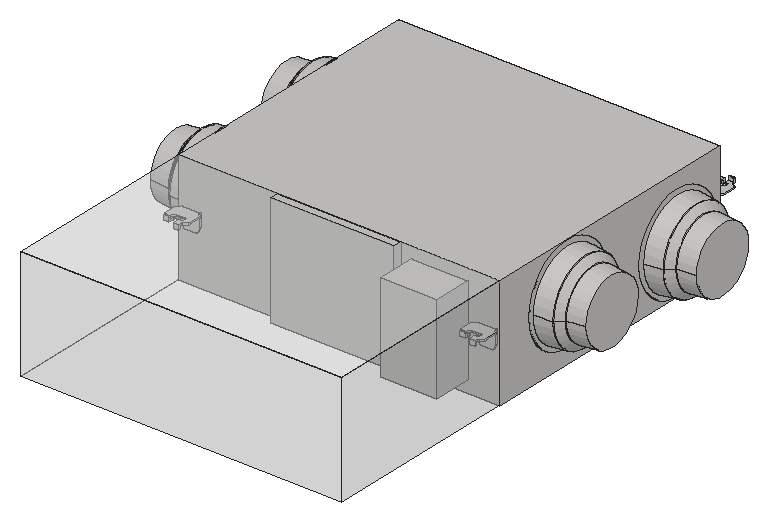
Revit family "outputfile", category 機械設備, Revit 2024
Family settings
  丸型コネクタ寸法 = 半径を使用
  パーツ タイプ = 標準
  OmniClass 番号 = 23.75.10.34.21
  OmniClass タイトル = Heat Exchangers for Ventilation Air
  作業面ベース = いいえ
  常に垂直 = はい
  ロード時にボイドで切り取り = いいえ
  注釈の向きを維持 = いいえ
  共有 = いいえ
  部屋計算ポイント = はい
Parameters (values of type "VAM500HVE")
  Description = ""
  製造元 = "Daikin"
  書き出し IFC クラス(タイプ) = "IfcAirToAirHeatRecoveryType"
  定義済み IFC タイプ(タイプ) = "ROTARYWHEEL"
  Cost = 0
  モデル = "VAM500HVE"
  Type Comments = ""
  Keynote = ""
  Type Image = (empty or 0)
  Assembly Code = ""
  w_maintenacecover = 372.0 mm
  r3_airconnection_top = 98.0 mm
  r2_airconnection_top = 103.0 mm
  r1_airconnection_top = 125.0 mm
  r1_airconnection_bottom = 132.0 mm
  r0_airconnection = 146.0 mm
  lw_powersuply = 182.0 mm
  Voltage_comment_60Hz = "220-240"
  Voltage_comment_50Hz = "220-240"
  Voltage_60Hz = 220 V
  Voltage_50Hz = 220 V
  URL = ""
  Phase_60Hz = 1
  Phase_50Hz = 1
  Minimum External Static Pressure = 124.00 Pa
  Minimum Circuit Amps_60Hz = 2.4 A
  Minimum Circuit Amps_50Hz = 2.4 A
  Maximum Fuse Amps_60Hz = 15.0 A
  Maximum Fuse Amps_50Hz = 15.0 A
  Maximum External Static Pressure = 190.00 Pa
  Material_Casing = DAIKIN_GalvanizedSteel_Casing_indoorunit
  lw_mountinghole_Left = 448.5 mm
  lw_mountinghole = 897.0 mm
  w_controlbox_right = 97.0 mm
  w_controlbox = 170.0 mm
  r_SAduct = SA Duct Size Diameter / 2  # 100.0 mm
  r_RAduct = RA Duct Size Diameter / 2  # 100.0 mm
  r_OAduct = OA Duct Size Diameter / 2  # 100.0 mm
  r_EAduct = EA Duct Size Diameter / 2  # 100.0 mm
  lh_powersuply = 169.0 mm
  lh_mounting = lh_mountinghole + [h***]  # 203.0 mm
  h_controlbox_top = 34.5 mm
  lh_antena = Height - lh_mountinghole + 1.0 mm  # 136.0 mm
  lh_SA = 193.0 mm
  lh_RA = 149.0 mm
  lh_OA = 193.0 mm
  lh_EA = 193.0 mm
  ld_SA = 252.0 mm
  ld_RA = 162.0 mm
  ld_OA = 162.0 mm
  ld_EA = 252.0 mm
  lh_mountinghole = 203.0 mm
  h_controlbox = 269.0 mm
  h*** = 0.0 mm  # constant formula
  d_total_airconnection = d1_airconnection + d2_airconnection + d3_airconnection  # 137.0 mm
  d_maintenacecover = 26.0 mm
  ld_mountinghole = 932.0 mm
  d_controlbox = 117.0 mm
  d3_airconnection = 58.0 mm
  d2_airconnection = 20.0 mm
  d1_airconnection = 59.0 mm
  d0_airconnection = 2.0 mm
  Width = 973.0 mm
  Version = "ver.1.0"
  Unit Type = "Heat Recovery Ventilator"
  Unit Mass Weight = 41.00 kg
  Unit Designation [instance] = ""
  Uniclass2015Version = "Products v1.30"
  Uniclass2015Title = "Thermal wheels"
  Uniclass2015Code = "Pr_60_60_36_88"
  Temperature exchange efficiency (Heating) = 80.00%
  Temperature exchange efficiency (Cooling) = 61.50%
  Supply Air Direction [instance] = yes
  Sound Pressure Level_M speed (dBA) = 35
  Sound Pressure Level_L speed (dBA) = 32
  Sound Pressure Level_H speed (dBA) = 36
  Series = "VRV Fan Coil Unit"
  SA Duct Size Diameter = 200.0 mm
  Refrigerant Type = ""
  RA Duct Size Diameter = 200.0 mm
  Option Accessory 3 [instance] = ""
  Option Accessory 2 [instance] = ""
  Option Accessory 1 [instance] = ""
  OA Duct Size Diameter = 200.0 mm
  Nominal Airflow = 500.00 m³/h
  Minimum Airflow = 160.00 m³/h
  Median Airflow = 0.00 m³/h
  Maximum Airflow = 700.00 m³/h
  Load Classification = HVAC
  Link_Nested Family [instance] = ""
  IfcVersion = "0"
  IfcExportType = "ROTARYWHEEL"
  IfcExportAs = "IfcAirToAirHeatRecoveryType"
  Height = 338.0 mm
  Heating Entering Wet Bulb Temperature [instance] = 0.00 °C
  Heating Entering Dry Bulb Temperature [instance] = 0.00 °C
  Heating Ambient Wet Bulb Temperature [instance] = 0.00 °C
  Heating Ambient Dry Bulb Temperature [instance] = 0.00 °C
  Frequency_60Hz = 60 Hz
  Frequency_50Hz = 50 Hz
  Fan Type = "Sirocco Fan"
  Fan Drive = "Direct Drive"
  FCU Tag No. [instance] = ""
  Enthalpy exchange efficiency (Heating) = 71.00%
  Enthalpy exchange efficiency (Cooling) = 62.50%
  EA Duct Size Diameter = 200.0 mm
  Design Supply Airflow [instance] = 0.00 m³/h
  Design Return Airflow [instance] = 0.00 m³/h
  Design Outdoor Airflow [instance] = 0.00 m³/h
  Design External Static Pressure [instance] = 0.00 Pa
  Design Exhaust Airflow [instance] = 0.00 m³/h
  Depth = 832.0 mm
  既定の高さ = 0.0 mm
  Cooling Entering Wet Bulb Temperature [instance] = 0.00 °C
  Cooling Entering Dry Bulb Temperature [instance] = 0.00 °C
  Cooling Ambient Wet Bulb Temperature [instance] = 0.00 °C
  Cooling Ambient Dry Bulb Temperature [instance] = 0.00 °C
  Clearance visibility [instance] = yes
  Clearance Top = 0.0 mm
  Clearance Right = 0.0 mm
  Clearance Rear = 0.0 mm
  Clearance Left = 0.0 mm
  Clearance Front = 600.0 mm
  Clearance Bottom = 0.0 mm
Reference planes
  plane 1 "Center (Front/Back)": y = 0
  plane 2: z = 0
  plane 3 "Center (Left/Right)": x = 0
  plane 4 "Back": y = 416
  plane 5 "Front": y = -416
  plane 6 "Left": x = -486.5
  plane 7 "Right": x = 486.5
  plane 8 "Top": z = 0
  plane 9 "mountinghole_Left": x = -448.5
  plane 10 "mountinghole_Right": x = 448.5
  plane 11 "mountinghole_Back": y = 466
  plane 12 "mountinghole_Front": y = -466
  plane 13 "Center (Elevation)": z = -169
  plane 14 "h_mountinghole": z = -135
  plane 15 "w_maintenacecover_left": x = -186
  plane 16 "w_maintenacecover_right": x = 186
  plane 17 "Clearance Front": y = -1016
  plane 18 "Clearance Left": x = -486.5
  plane 19 "Clearance Right": x = 486.5
  plane 20 "Clearance Rear": y = 416
  plane 21 "Clearance Top": z = 0
  plane 22 "Clearance Bottom": z = -338
  plane 23 "d_maintenacecover": y = -442
  plane 24 "d_controlbox": y = -533
  plane 25 "w_controlbox_left": x = 219.5
  plane 26 "w_controlbox_right": x = 389.5
  plane 27 "Bottom": z = -338
  plane 28 "h_controlbox_top": z = -34.5
  plane 29 "h_controlbox_bottom": z = -303.5
  plane 30 "lh_OA": z = -145
  plane 31 "lh_EA": z = -145
  plane 32 "lh_SA": z = -145
  plane 33 "lh_RA": z = -189
  plane 34 "ld_EA": y = 164
  plane 35 "ld_OA": y = -254
  plane 36 "ld_RA": y = 254
  plane 37 "ld_SA": y = -164
  plane 38 "lw_powersuply": x = 304.5
  plane 39: z = 59.955
  plane 40 "lh_powersuply": z = -169
Forms (mm)
  Extrusion 1, solid, material "DAIKIN_GalvanizedSteel_Casing_indoorunit" <- "Material_Casing"
    sketch origin (0, 0, 200) x (1, 0, 0) y (0, 1, 0)
      loop
        line (-486.5, 416) -> (-486.5, -416) -> (486.5, -416) -> (486.5, 416) -> (-486.5, 416)
    from -538 to -200
  Extrusion 2, solid, material "DAIKIN_GalvanizedSteel_Casing_indoorunit" <- "Material_Casing"
    sketch origin (0, 0, 0) x (1, 0, 0) y (0, 1, 0)
      loop
        line (-186, -416) -> (-186, -442) -> (186, -442) -> (186, -416) -> (-186, -416)
    from -338 to 0
  Extrusion 3, solid, material "DAIKIN_GalvanizedSteel_Casing_indoorunit" <- "Material_Casing"
    sketch origin (0, 0, 0) x (1, 0, 0) y (0, 1, 0)
      loop
        line (219.5, -416) -> (219.5, -533) -> (389.5, -533) -> (389.5, -416) -> (219.5, -416)
    from -303.5 to -34.5
Dimensions and locks
  equal spacing: plane 6 "Left", plane 3 "Center (Left/Right)", plane 7 "Right"
  "Width": plane 6 "Left" to plane 7 "Right"
  equal spacing: plane 4 "Back", plane 1 "Center (Front/Back)", plane 5 "Front"
  "Depth": plane 4 "Back" to plane 5 "Front"
  "lw_mountinghole": plane 9 "mountinghole_Left" to plane 10 "mountinghole_Right"
  equal spacing: plane 11 "mountinghole_Back", plane 1 "Center (Front/Back)", plane 12 "mountinghole_Front"
  "ld_mountinghole": plane 11 "mountinghole_Back" to plane 12 "mountinghole_Front"
  "Clearance Front": plane 5 "Front" to plane 17 "Clearance Front"
  "Clearance Left": plane 18 "Clearance Left" to plane 6 "Left"
  "Clearance Right": plane 7 "Right" to plane 19 "Clearance Right"
  "Clearance Rear": plane 4 "Back" to plane 20 "Clearance Rear"
  "w_controlbox_right": plane 26 "w_controlbox_right" to plane 7 "Right"
  "w_controlbox": plane 25 "w_controlbox_left" to plane 26 "w_controlbox_right"
  equal spacing: plane 15 "w_maintenacecover_left", plane 3 "Center (Left/Right)", plane 16 "w_maintenacecover_right"
  "w_maintenacecover": plane 15 "w_maintenacecover_left" to plane 16 "w_maintenacecover_right"
  "lh_mountinghole": plane 14 "h_mountinghole" to plane 27 "Bottom"
  "Height": plane 8 "Top" to plane 27 "Bottom"
  equal spacing: plane 8 "Top", plane 13 "Center (Elevation)", plane 27 "Bottom"
  "Clearance Top": plane 21 "Clearance Top" to plane 8 "Top"
  "Clearance Bottom": plane 27 "Bottom" to plane 22 "Clearance Bottom"
  "h_controlbox": plane 28 "h_controlbox_top" to plane 29 "h_controlbox_bottom"
  "d_controlbox": plane 5 "Front" to plane 24 "d_controlbox"
  "d_maintenacecover": plane 5 "Front" to plane 23 "d_maintenacecover"
  "lh_SA": plane 32 "lh_SA" to plane 27 "Bottom"
  "lh_RA": plane 33 "lh_RA" to plane 27 "Bottom"
  "ld_OA": plane 35 "ld_OA" to plane 5 "Front"
  "ld_EA": plane 4 "Back" to plane 34 "ld_EA"
  "ld_RA": plane 4 "Back" to plane 36 "ld_RA"
  "ld_SA": plane 37 "ld_SA" to plane 5 "Front"
  "lh_EA": plane 31 "lh_EA" to plane 27 "Bottom"
  "lh_OA": plane 30 "lh_OA" to plane 27 "Bottom"
  "h_controlbox_top": plane 8 "Top" to plane 28 "h_controlbox_top"
  "lw_mountinghole_Left": plane 9 "mountinghole_Left" to plane 3 "Center (Left/Right)"
  plane 3 "Center (Left/Right)" to plane 10 "mountinghole_Right" = 448.5 mm
  "lw_powersuply": plane 38 "lw_powersuply" to plane 7 "Right"
  "lh_powersuply": plane 40 "lh_powersuply" to plane 27 "Bottom"
  aligned and locked: level to plane 2
  aligned and locked: Extrusion 1 sketch curve to plane 4 "Back"
  aligned and locked: plane 6 "Left" to Extrusion 1 sketch curve
  aligned and locked: plane 5 "Front" to Extrusion 1 sketch curve
  aligned and locked: Extrusion 1 sketch curve to plane 7 "Right"
  aligned and locked: plane 8 "Top" to Extrusion 1
  aligned and locked: nested 1 to plane 10 "mountinghole_Right"
  aligned and locked: nested 1 to plane 5 "Front"
  aligned and locked: nested 2 to plane 9 "mountinghole_Left"
  aligned and locked: nested 2 to plane 5 "Front"
  aligned and locked: plane 4 "Back" to nested 3
  aligned and locked: plane 10 "mountinghole_Right" to nested 3
  aligned and locked: nested 4 to plane 9 "mountinghole_Left"
  aligned and locked: plane 4 "Back" to nested 4
  aligned and locked: nested 6 to plane 10 "mountinghole_Right"
  aligned and locked: nested 6 to plane 11 "mountinghole_Back"
  aligned and locked: plane 9 "mountinghole_Left" to nested 7
  aligned and locked: nested 7 to plane 11 "mountinghole_Back"
  aligned and locked: nested 8 to plane 9 "mountinghole_Left"
  aligned and locked: plane 12 "mountinghole_Front" to nested 8
  aligned and locked: plane 12 "mountinghole_Front" to nested 9
  aligned and locked: nested 9 to plane 10 "mountinghole_Right"
  aligned and locked: plane 14 "h_mountinghole" to nested 3
  aligned and locked: plane 14 "h_mountinghole" to nested 1
  aligned and locked: plane 14 "h_mountinghole" to nested 4
  aligned and locked: plane 14 "h_mountinghole" to nested 2
  aligned and locked: nested 5 to plane 17 "Clearance Front"
  aligned and locked: nested 5 to plane 18 "Clearance Left"
  aligned and locked: nested 5 to plane 19 "Clearance Right"
  aligned and locked: nested 5 to plane 20 "Clearance Rear"
  aligned and locked: nested 5 to plane 22 "Clearance Bottom"
  aligned and locked: nested 5 to plane 21 "Clearance Top"
  aligned and locked: plane 27 "Bottom" to Extrusion 1
  aligned and locked: plane 23 "d_maintenacecover" to Extrusion 2 sketch curve
  aligned and locked: plane 16 "w_maintenacecover_right" to Extrusion 2 sketch curve
  aligned and locked: plane 15 "w_maintenacecover_left" to Extrusion 2 sketch curve
  aligned and locked: Extrusion 2 sketch curve to plane 5 "Front"
  aligned and locked: plane 8 "Top" to Extrusion 2
  aligned and locked: Extrusion 2 to plane 27 "Bottom"
  aligned and locked: plane 24 "d_controlbox" to Extrusion 3 sketch curve
  aligned and locked: plane 25 "w_controlbox_left" to Extrusion 3 sketch curve
  aligned and locked: Extrusion 3 sketch curve to plane 5 "Front"
  aligned and locked: Extrusion 3 sketch curve to plane 26 "w_controlbox_right"
  aligned and locked: plane 28 "h_controlbox_top" to Extrusion 3
  aligned and locked: plane 29 "h_controlbox_bottom" to Extrusion 3
  aligned and locked: nested 10 to plane 34 "ld_EA"
  aligned and locked: nested 10 to plane 6 "Left"
  aligned and locked: nested 11 to plane 35 "ld_OA"
  aligned and locked: nested 11 to plane 6 "Left"
  aligned and locked: plane 36 "ld_RA" to nested 12
  aligned and locked: plane 7 "Right" to nested 12
  aligned and locked: plane 37 "ld_SA" to nested 13
  aligned and locked: plane 7 "Right" to nested 13
  aligned and locked: plane 32 "lh_SA" to nested 13
  aligned and locked: plane 33 "lh_RA" to nested 12
  aligned and locked: plane 30 "lh_OA" to nested 11
  aligned and locked: plane 31 "lh_EA" to nested 10
  aligned and locked: plane 37 "ld_SA" to nested 15
  aligned and locked: plane 7 "Right" to nested 15
  aligned and locked: plane 36 "ld_RA" to nested 16
  aligned and locked: plane 7 "Right" to nested 16
  aligned and locked: nested 18 to plane 34 "ld_EA"
  aligned and locked: nested 17 to plane 35 "ld_OA"
  aligned and locked: nested 18 to plane 6 "Left"
  aligned and locked: nested 17 to plane 6 "Left"
  aligned and locked: plane 31 "lh_EA" to nested 17
  aligned and locked: nested 18 to plane 31 "lh_EA"
  aligned and locked: nested 16 to plane 33 "lh_RA"
  aligned and locked: nested 15 to plane 32 "lh_SA"
  aligned and locked: plane 37 "ld_SA" to nested 14
  aligned and locked: nested 19 to plane 38 "lw_powersuply"
  aligned and locked: nested 19 to plane 5 "Front"
  aligned and locked: plane 40 "lh_powersuply" to nested 19
  aligned and locked: level to plane 8 "Top"
Nested families
  nested 1: "daikin_hangerfixture_VAM-HVE_150-1000" at (448.5, -416, -135), type "daikin_hangerfixture_VAM-HVE_150-1000"
  nested 2: "daikin_hangerfixture_VAM-HVE_150-1000" at (-448.5, -416, -135), type "daikin_hangerfixture_VAM-HVE_150-1000"
  nested 3: "daikin_hangerfixture_VAM-HVE_150-1000" at (448.5, 416, -135) x (-1, 0, 0) z (0, 0, 1), type "daikin_hangerfixture_VAM-HVE_150-1000"
  nested 4: "daikin_hangerfixture_VAM-HVE_150-1000" at (-448.5, 416, -135) x (-1, 0, 0) z (0, 0, 1), type "daikin_hangerfixture_VAM-HVE_150-1000"
  nested 5: "daikin_clearancespace" at (0, -300, -168.881), visible <- "Clearance visibility", show <- "Clearance visibility", Link_Nested Family <- "Link_Nested Family", type "daikin_clearancespace"
    with width 973.0 mm, show yes, height 338.0 mm, depth 1432.0 mm, Link_Nested Family ""
  nested 6: "daikin_mountinghole" at (448.5, 466, -338), l_antenna <- "lh_antena", Link_Nested Family <- "Link_Nested Family", h_mountinghole <- "lh_mounting", type "daikin_mountinghole"
    with show yes, l_antenna 136.0 mm, h_mountinghole 203.0 mm, Link_Nested Family ""
  nested 7: "daikin_mountinghole" at (-448.5, 466, -338), l_antenna <- "lh_antena", Link_Nested Family <- "Link_Nested Family", h_mountinghole <- "lh_mounting", type "daikin_mountinghole"
    with show yes, l_antenna 136.0 mm, h_mountinghole 203.0 mm, Link_Nested Family ""
  nested 8: "daikin_mountinghole" at (-448.5, -466, -338), l_antenna <- "lh_antena", Link_Nested Family <- "Link_Nested Family", h_mountinghole <- "lh_mounting", type "daikin_mountinghole"
    with show yes, l_antenna 136.0 mm, h_mountinghole 203.0 mm, Link_Nested Family ""
  nested 9: "daikin_mountinghole" at (448.5, -466, -338), l_antenna <- "lh_antena", Link_Nested Family <- "Link_Nested Family", h_mountinghole <- "lh_mounting", type "daikin_mountinghole"
    with show yes, l_antenna 136.0 mm, h_mountinghole 203.0 mm, Link_Nested Family ""
  nested 10: "daikin_airconnection_VAM-HVE_150-1000" at (-486.5, 164, -145) x (0, -1, 0) z (0, 0, 1), d0 <- "d0_airconnection", d1 <- "d1_airconnection", d2 <- "d2_airconnection", d3 <- "d3_airconnection", r0 <- "r0_airconnection", r1_bottom <- "r1_airconnection_bottom", r1_top <- "r1_airconnection_top", r2_top <- "r2_airconnection_top", r3_top <- "r3_airconnection_top", type "daikin_airconnection_VAM-HVE_150-1000"
    with r3_top 98.0 mm, r3_bottom 103.0 mm, r2_top 103.0 mm, r2_bottom 125.0 mm, r1_top 125.0 mm, r1_bottom 132.0 mm, r0 146.0 mm, d_total 137.0 mm, d3 58.0 mm, d2 20.0 mm, d1 59.0 mm, d0 2.0 mm
  nested 11: "daikin_airconnection_VAM-HVE_150-1000" at (-486.5, -254, -145) x (0, -1, 0) z (0, 0, 1), d0 <- "d0_airconnection", d1 <- "d1_airconnection", d2 <- "d2_airconnection", d3 <- "d3_airconnection", r0 <- "r0_airconnection", r1_bottom <- "r1_airconnection_bottom", r1_top <- "r1_airconnection_top", r2_top <- "r2_airconnection_top", r3_top <- "r3_airconnection_top", type "daikin_airconnection_VAM-HVE_150-1000"
    with r3_top 98.0 mm, r3_bottom 103.0 mm, r2_top 103.0 mm, r2_bottom 125.0 mm, r1_top 125.0 mm, r1_bottom 132.0 mm, r0 146.0 mm, d_total 137.0 mm, d3 58.0 mm, d2 20.0 mm, d1 59.0 mm, d0 2.0 mm
  nested 12: "daikin_airconnection_VAM-HVE_150-1000" at (486.5, 254, -189) x (0, 1, 0) z (0, 0, 1), d0 <- "d0_airconnection", d1 <- "d1_airconnection", d2 <- "d2_airconnection", d3 <- "d3_airconnection", r0 <- "r0_airconnection", r1_bottom <- "r1_airconnection_bottom", r1_top <- "r1_airconnection_top", r2_top <- "r2_airconnection_top", r3_top <- "r3_airconnection_top", type "daikin_airconnection_VAM-HVE_150-1000"
    with r3_top 98.0 mm, r3_bottom 103.0 mm, r2_top 103.0 mm, r2_bottom 125.0 mm, r1_top 125.0 mm, r1_bottom 132.0 mm, r0 146.0 mm, d_total 137.0 mm, d3 58.0 mm, d2 20.0 mm, d1 59.0 mm, d0 2.0 mm
  nested 13: "daikin_airconnection_VAM-HVE_150-1000" at (486.5, -164, -145) x (0, 1, 0) z (0, 0, 1), d0 <- "d0_airconnection", d1 <- "d1_airconnection", d2 <- "d2_airconnection", d3 <- "d3_airconnection", r0 <- "r0_airconnection", r1_bottom <- "r1_airconnection_bottom", r1_top <- "r1_airconnection_top", r2_top <- "r2_airconnection_top", r3_top <- "r3_airconnection_top", type "daikin_airconnection_VAM-HVE_150-1000"
    with r3_top 98.0 mm, r3_bottom 103.0 mm, r2_top 103.0 mm, r2_bottom 125.0 mm, r1_top 125.0 mm, r1_bottom 132.0 mm, r0 146.0 mm, d_total 137.0 mm, d3 58.0 mm, d2 20.0 mm, d1 59.0 mm, d0 2.0 mm
  nested 14: "daikin_△_symbolicline" at (0, -164, 338) x (0, 1, 0) z (0, 0, 1), built-in parameter 1001360 <- "Height", visible <- "Supply Air Direction", type "daikin_△_symbolicline"
    with length 300.0 mm
  nested 15: "daikin_connector_rotate2" at (486.5, -164, -145) x (0, 1, 0) z (0, 0, 1), length <- "d_total_airconnection", radius <- "r_SAduct", type "daikin_connector_rotate2"
    with radius 100.0 mm, length 137.0 mm, angle_vertical 90.00°, show_face no
  nested 16: "daikin_connector_rotate2" at (486.5, 254, -189) x (0, 1, 0) z (0, 0, 1), length <- "d_total_airconnection", radius <- "r_RAduct", type "daikin_connector_rotate2"
    with radius 100.0 mm, length 137.0 mm, angle_vertical 90.00°, show_face no
  nested 17: "daikin_connector_rotate2" at (-486.5, -254, -145) x (0, -1, 0) z (0, 0, 1), length <- "d_total_airconnection", radius <- "r_OAduct", type "daikin_connector_rotate2"
    with radius 100.0 mm, length 137.0 mm, angle_vertical 90.00°, show_face no
  nested 18: "daikin_connector_rotate2" at (-486.5, 164, -145) x (0, -1, 0) z (0, 0, 1), length <- "d_total_airconnection", radius <- "r_EAduct", type "daikin_connector_rotate2"
    with radius 100.0 mm, length 137.0 mm, angle_vertical 90.00°, show_face no
  nested 19: "daikin_connector_rotate2" at (304.5, -416, -169), length <- "d_controlbox", type "daikin_connector_rotate2"
    with radius 10.0 mm, length 117.0 mm, angle_vertical 90.00°, show_face no
Connectors
  hvac at (-623.5, 164, -145), driven by "r_EAduct"
    settings: on nested 18, index 1, duct flow 0.00 m³/h, flow factor 0, pres drop 0.00 Pa, loss coef 0, conn angle 0.00°, conn width 304.8 mm, conn height 304.8 mm, conn diameter 200.0 mm, duct sys type 3, conn prof type 0, flow config 0, flow direction 2, loss method 4, conn ref index -1, conn util no, is conn primary no, conn desc "EA Duct"
  hvac at (-623.5, -254, -145), driven by "r_OAduct"
    settings: on nested 17, index 2, duct flow 0.00 m³/h, flow factor 0, pres drop 0.00 Pa, loss coef 0, conn angle 0.00°, conn width 304.8 mm, conn height 304.8 mm, conn diameter 200.0 mm, duct sys type 1, conn prof type 0, flow config 0, flow direction 1, loss method 4, conn ref index -1, conn util no, is conn primary no, conn desc "OA Duct"
  hvac at (623.5, 254, -189), driven by "r_RAduct"
    settings: on nested 16, index 3, duct flow 0.00 m³/h, flow factor 0, pres drop 0.00 Pa, loss coef 0, conn angle 0.00°, conn width 304.8 mm, conn height 304.8 mm, conn diameter 200.0 mm, duct sys type 2, conn prof type 0, flow config 0, flow direction 1, loss method 4, conn ref index -1, conn util no, is conn primary no, conn desc "RA Duct"
  hvac at (623.5, -164, -145), driven by "r_SAduct"
    settings: on nested 15, index 4, duct flow 0.00 m³/h, flow factor 0, pres drop 0.00 Pa, loss coef 0, conn angle 0.00°, conn width 304.8 mm, conn height 304.8 mm, conn diameter 200.0 mm, duct sys type 1, conn prof type 0, flow config 0, flow direction 2, loss method 4, conn ref index -1, conn util no, is conn primary yes, conn desc "SA Duct"
  electrical at (304.5, -533, -169), driven by "Load Classification"
    settings: on nested 19, index 6, voltage 0 V, apparent load 0 VA, apparent load phase1 0 VA, apparent load phase2 0 VA, apparent load phase3 0 VA, power factor 1, load classification "HVAC", number of poles 1, system type 30, power factor state 1, is connector primary yes, connector utility no, sub classification motor no, connector description "Power Supply"
Definition of nested family "daikin_hangerfixture_VAM-HVE_150-1000"
  Parameters (values of type "daikin_hangerfixture_VAM")
    width = 76.0 mm
    material = none
    height = 0.0 mm
    depth = 75.0 mm
    Default Elevation = 0.0 mm
  Reference planes
    plane 1 "Center (Front/Back)": y = 0
    plane 2: z = 0
    plane 3 "Center (Left/Right)": x = 0
    plane 4: y = -75
    plane 5: x = -38
    plane 6: x = 38
    plane 7: z = -3.2
    plane 8: z = -57
    plane 9: x = -28
    plane 10: x = 28
    plane 11: y = -3.2
    plane 12: z = 11.8
    plane 13: z = -15
    plane 14: y = -71.8
    plane 15: y = -50
  Forms (mm)
    Extrusion 1, solid, material <- "material"
      sketch origin (0, 0, 0) x (1, 0, 0) y (0, 1, 0)
        loop
          line (-28, 0) -> (-28, -5)
          arc (-28, -5) -> (-29.464, -8.536) -> (-33, -10) r 5
          arc (-33, -10) -> (-36.536, -11.464) -> (-38, -15) r 5
          line (-38, -15) -> (-38, -52.597)
          arc (-38, -52.597) -> (-37.507, -54.763) -> (-36.123, -56.501) r 5
          line (-36.123, -56.501) -> (-24.877, -65.499)
          arc (-24.877, -65.499) -> (-23.493, -67.237) -> (-23, -69.403) r 5
          line (-23, -69.403) -> (-23, -75) -> (-7, -75) -> (-7, -60)
          arc (-7, -60) -> (-7.879, -57.879) -> (-10, -57) r 3
          line (-10, -57) -> (-13, -57)
          arc (-13, -57) -> (-20, -50) -> (-13, -43) r 7
          line (-13, -43) -> (13, -43)
          arc (13, -43) -> (20, -50) -> (13, -57) r 7
          line (13, -57) -> (10, -57)
          arc (10, -57) -> (7.879, -57.879) -> (7, -60) r 3
          line (7, -60) -> (7, -75) -> (23, -75) -> (23, -69.403)
          arc (23, -69.403) -> (23.493, -67.237) -> (24.877, -65.499) r 5
          line (24.877, -65.499) -> (36.123, -56.501)
          arc (36.123, -56.501) -> (37.507, -54.763) -> (38, -52.597) r 5
          line (38, -52.597) -> (38, -15)
          arc (38, -15) -> (36.536, -11.464) -> (33, -10) r 5
          arc (33, -10) -> (29.464, -8.536) -> (28, -5) r 5
          line (28, -5) -> (28, 0) -> (-28, 0)
      from 0 to -3.2
    Extrusion 2, solid, material <- "material"
      sketch origin (0, 0, 0) x (1, 0, 0) y (0, 0, 1)
        loop
          line (28, 0) -> (-28, 0) -> (-28, -38.882)
          arc (-28, -38.882) -> (-27.88, -39.973) -> (-27.524, -41.011) r 5
          line (-27.524, -41.011) -> (-21.351, -54.129)
          arc (-21.351, -54.129) -> (-19.506, -56.222) -> (-16.827, -57) r 5
          line (-16.827, -57) -> (16.827, -57)
          arc (16.827, -57) -> (19.506, -56.222) -> (21.351, -54.129) r 5
          line (21.351, -54.129) -> (27.524, -41.011)
          arc (27.524, -41.011) -> (27.88, -39.973) -> (28, -38.882) r 5
          line (28, -38.882) -> (28, 0)
      from 0 to 3.2
    Extrusion 3, solid, material <- "material"
      sketch origin (0, 0, 0) x (1, 0, 0) y (0, 0, 1)
        loop
          line (-23, -3.2) -> (-7, -3.2) -> (-7, 8.8)
          arc (-7, 8.8) -> (-7.879, 10.921) -> (-10, 11.8) r 3
          line (-10, 11.8) -> (-20, 11.8)
          arc (-20, 11.8) -> (-22.121, 10.921) -> (-23, 8.8) r 3
          line (-23, 8.8) -> (-23, -3.2)
        loop
          line (7, 0) -> (7, -12)
          arc (7, -12) -> (7.879, -14.121) -> (10, -15) r 3
          line (10, -15) -> (20, -15)
          arc (20, -15) -> (22.121, -14.121) -> (23, -12) r 3
          line (23, -12) -> (23, 0) -> (7, 0)
      from 71.8 to 75
  Cuts and joins
    joined: Extrusion 1, Extrusion 2, Extrusion 3
  Dimensions and locks
    "depth": plane 4 to plane 1 "Center (Front/Back)"
    equal spacing: plane 5, plane 3 "Center (Left/Right)", plane 6
    "width": plane 5 to plane 6
    plane 2 to plane 7 = 3.2 mm
    locked: plane 2 to plane 8 at 57
    locked: plane 9 to plane 10 at 56
    equal spacing: plane 9, plane 3 "Center (Left/Right)", plane 10
    locked: plane 11 to plane 1 "Center (Front/Back)" at 3.2
    locked: plane 12 to plane 7 at 15
    locked: plane 2 to plane 13 at 15
    plane 14 to plane 4 = 3.2 mm
    aligned and locked: level to plane 2
    aligned and locked: plane 1 "Center (Front/Back)" to Extrusion 1 sketch curve
    aligned and locked: plane 4 to Extrusion 1 sketch curve  (x2)
    aligned and locked: Extrusion 1 to plane 5
    aligned and locked: plane 6 to Extrusion 1
    aligned and locked: Extrusion 1 to plane 7
    aligned and locked: Extrusion 2 sketch curve to plane 2
    aligned and locked: Extrusion 2 to plane 8
    aligned and locked: plane 9 to Extrusion 2
    aligned and locked: Extrusion 2 to plane 10
    aligned and locked: Extrusion 2 to plane 1 "Center (Front/Back)"
    aligned and locked: Extrusion 2 to plane 11
    aligned and locked: Extrusion 3 sketch curve to plane 7
    aligned and locked: Extrusion 3 sketch curve to plane 2
    aligned and locked: Extrusion 3 to plane 12
    aligned and locked: Extrusion 3 to plane 13
    aligned and locked: Extrusion 3 to plane 4
    aligned and locked: plane 14 to Extrusion 3
  Automatic sketch dimensions
    plane 3 "Center (Left/Right)" to Extrusion 1 sketch curve = 28.0 mm
    plane 1 "Center (Front/Back)" to Extrusion 1 sketch curve = 5.0 mm
    Extrusion 1 sketch curve to Extrusion 1 sketch curve = 5.0 mm  (x8)
    plane 4 to Extrusion 1 sketch curve = 22.403 mm
    Extrusion 1 sketch curve to Extrusion 1 sketch curve = 1.877 mm  (x2)
    plane 4 to Extrusion 1 sketch curve = 9.501 mm
    Extrusion 1 sketch curve to Extrusion 1 sketch curve = 11.247 mm  (x2)
    Extrusion 1 sketch curve to Extrusion 1 sketch curve = 3.123 mm  (x2)
    Extrusion 1 sketch curve to Extrusion 1 sketch curve = 3.904 mm  (x2)
    plane 3 "Center (Left/Right)" to Extrusion 1 sketch curve = 7.0 mm
    plane 4 to Extrusion 1 sketch curve = 15.0 mm
    Extrusion 1 sketch curve to Extrusion 1 sketch curve = 3.0 mm  (x4)
    Extrusion 1 sketch curve to Extrusion 1 sketch curve = 7.0 mm  (x2)
    Extrusion 1 sketch curve to plane 3 "Center (Left/Right)" = 13.0 mm
    Extrusion 1 sketch curve to Extrusion 1 sketch curve = 16.0 mm
    plane 4 to Extrusion 1 sketch curve = 5.597 mm
    Extrusion 1 sketch curve to Extrusion 1 sketch curve = 8.998 mm
    plane 1 "Center (Front/Back)" to Extrusion 1 sketch curve = 15.0 mm
    plane 5 to Extrusion 2 sketch curve = 10.0 mm
    Extrusion 2 sketch curve to Extrusion 2 sketch curve = 0.476 mm  (x2)
    Extrusion 2 sketch curve to Extrusion 2 sketch curve = 4.524 mm  (x4)
    Extrusion 2 sketch curve to Extrusion 2 sketch curve = 6.173 mm  (x2)
    plane 3 "Center (Left/Right)" to Extrusion 2 sketch curve = 16.827 mm
    Extrusion 2 sketch curve to plane 7 = 35.682 mm  (x2)
    Extrusion 2 sketch curve to Extrusion 2 sketch curve = 13.118 mm  (x2)
    Extrusion 2 sketch curve to Extrusion 2 sketch curve = 2.129 mm
    Extrusion 3 sketch curve to plane 9 = 5.0 mm
    Extrusion 3 sketch curve to Extrusion 3 sketch curve = 3.0 mm  (x4)
    Extrusion 3 sketch curve to Extrusion 3 sketch curve = 10.0 mm
    plane 3 "Center (Left/Right)" to Extrusion 3 sketch curve = 7.0 mm
    plane 10 to Extrusion 3 sketch curve = 8.0 mm
    Extrusion 3 sketch curve to plane 7 = 8.8 mm
    level to Extrusion 3 sketch curve = 8.8 mm
Definition of nested family "daikin_clearancespace"
  Parameters (values of type "daikin_clearancespace")
    width [instance] = 1823.963 mm
    show [instance] = yes
    material = none
    height [instance] = 1359.762 mm
    depth [instance] = 880.0 mm
    Default Elevation = 0.0 mm
    Link_Nested Family [instance] = ""
  Reference planes
    plane 1 "Center (Front/Back)": y = 0
    plane 2 "Center (Elevation)": z = -0.119
    plane 3 "Center (Left/Right)": x = 0
    plane 4: y = 440
    plane 5: y = -440
    plane 6 "Right": x = 911.982
    plane 7 "Left": x = -911.982
    plane 8 "Top": z = 679.762
    plane 9 "Bottom": z = -680
  Forms (mm)
    Extrusion 1, solid, material <- "material", visible <- "show"
      sketch origin (0, 0, 0) x (1, 0, 0) y (0, 1, 0)
        loop
          line (-911.982, 440) -> (-911.982, -440) -> (911.982, -440) -> (911.982, 440) -> (-911.982, 440)
      from -680 to 679.762
  Lines and regions (mm)
    symbolic lines, visible <- "show"
      curve 1: line (911.982, 440, 0) -> (-911.982, 440, 0)
      curve 2: line (-911.982, 440, 0) -> (-911.982, -440, 0)
      curve 3: line (-911.982, -440, 0) -> (911.982, -440, 0)
      curve 4: line (911.982, -440, 0) -> (911.982, 440, 0)
      curve 5: line (911.982, 0, 679.762) -> (-911.982, 0, 679.762)
      curve 6: line (911.982, 0, -680) -> (911.982, 0, 679.762)
      curve 7: line (-911.982, 0, -680) -> (911.982, 0, -680)
      curve 8: line (-911.982, 0, 679.762) -> (-911.982, 0, -680)
      curve 9: line (0, 440, 679.762) -> (0, -440, 679.762)
      curve 10: line (0, -440, 679.762) -> (0, -440, -680)
      curve 11: line (0, 440, -680) -> (0, 440, 679.762)
      curve 12: line (0, -440, -680) -> (0, 440, -680)
  Dimensions and locks
    "width": plane 7 "Left" to plane 6 "Right"
    "depth": plane 4 to plane 5
    "height": plane 8 "Top" to plane 9 "Bottom"
    equal spacing: plane 7 "Left", plane 3 "Center (Left/Right)", plane 6 "Right"
    equal spacing: plane 4, plane 1 "Center (Front/Back)", plane 5
    equal spacing: plane 8 "Top", plane 2 "Center (Elevation)", plane 9 "Bottom"
    aligned and locked: level to plane 2 "Center (Elevation)"
    aligned and locked: Extrusion 1 sketch curve to plane 4
    aligned and locked: plane 7 "Left" to Extrusion 1 sketch curve
    aligned and locked: Extrusion 1 sketch curve to plane 5
    aligned and locked: Extrusion 1 sketch curve to plane 6 "Right"
    aligned and locked: plane 8 "Top" to Extrusion 1
    aligned and locked: curve 1 to Extrusion 1
    aligned and locked: curve 2 to Extrusion 1
    aligned and locked: curve 3 to Extrusion 1
    aligned and locked: curve 4 to Extrusion 1
    aligned and locked: curve 5 to Extrusion 1
    aligned and locked: curve 6 to Extrusion 1
    aligned and locked: curve 7 to Extrusion 1
    aligned and locked: curve 8 to Extrusion 1
    aligned and locked: curve 9 to Extrusion 1
    aligned and locked: curve 10 to Extrusion 1
    aligned and locked: curve 11 to Extrusion 1
    aligned and locked: curve 12 to Extrusion 1
    aligned and locked: Extrusion 1 to plane 9 "Bottom"
Definition of nested family "daikin_airconnection_VAM-HVE_150-1000"
  Parameters (values of type "daikin_airconnection_VAM")
    width = 0.0 mm
    r3_top [instance] = 48.5 mm
    r3_bottom [instance] = r2_top  # 53.1 mm
    r2_top [instance] = 53.1 mm
    r2_bottom [instance] = r1_top  # 100.0 mm
    r1_top [instance] = 100.0 mm
    r1_bottom [instance] = 107.1 mm
    r0 [instance] = 121.0 mm
    material = none
    height = 0.0 mm
    depth = 0.0 mm
    d_total [instance] = d3 + d2 + d1  # 145.0 mm
    d3 [instance] = 38.5 mm
    d2 [instance] = 46.5 mm
    d1 [instance] = 60.0 mm
    d0 [instance] = 1.8 mm
    Default Elevation = 0.0 mm
  Reference planes
    plane 1 "Center (Front/Back)": y = 0
    plane 2 "Center (Elevation)": z = 0
    plane 3 "Center (Left/Right)": x = 0
    plane 4 "d1": y = -60
    plane 5 "d2": y = -106.5
    plane 6 "d3": y = -145
    plane 7 "d0": y = -1.8
  Forms (mm)
    Blend 1, solid, material <- "material"
      base sketch origin (0, 0, 0) x (1, 0, 0) y (0, 0, 1)
        loop
          circle (0, 0) r 107.1
      top sketch origin (0, 0, 0) x (1, 0, 0) y (0, 0, 1)
        loop
          circle (0, 0) r 100
      from 1.8 to 60
    Blend 2, solid, material <- "material"
      base sketch origin (0, 0, 0) x (1, 0, 0) y (0, 0, 1)
        loop
          circle (0, 0) r 100
      top sketch origin (0, 0, 0) x (1, 0, 0) y (0, 0, 1)
        loop
          circle (0, 0) r 53.1
      from 60 to 106.5
    Blend 3, solid, material <- "material"
      base sketch origin (0, 0, 0) x (1, 0, 0) y (0, 0, 1)
        loop
          circle (0, 0) r 53.1
      top sketch origin (0, 0, 0) x (1, 0, 0) y (0, 0, 1)
        loop
          circle (0, 0) r 48.5
      from 106.5 to 145
    Extrusion 4, solid, material <- "material"
      sketch origin (0, 0, 0) x (1, 0, 0) y (0, 0, 1)
        loop
          circle (0, 0) r 121
      from 0 to 1.8
  Dimensions and locks
    "d1": plane 4 "d1" to plane 1 "Center (Front/Back)"
    "d2": plane 4 "d1" to plane 5 "d2"
    "d3": plane 5 "d2" to plane 6 "d3"
    "d0": plane 7 "d0" to plane 1 "Center (Front/Back)"
    "r1_bottom": radius of Blend 1 sketch curve
    "r1_top": radius of Blend 1 sketch curve
    "r2_bottom": radius of Blend 2 sketch curve
    "r2_top": radius of Blend 2 sketch curve
    "r3_bottom": radius of Blend 3 sketch curve
    "r3_top": radius of Blend 3 sketch curve
    "r0": radius of Extrusion 4 sketch curve
    aligned and locked: level to plane 2 "Center (Elevation)"
    aligned and locked: plane 2 "Center (Elevation)" to Blend 1 sketch curve  (x2)
    aligned and locked: plane 3 "Center (Left/Right)" to Blend 1 sketch curve  (x2)
    aligned and locked: Blend 1 to plane 4 "d1"
    aligned and locked: plane 2 "Center (Elevation)" to Blend 2 sketch curve  (x2)
    aligned and locked: plane 3 "Center (Left/Right)" to Blend 2 sketch curve  (x2)
    aligned and locked: plane 4 "d1" to Blend 2
    aligned and locked: Blend 2 to plane 5 "d2"
    aligned and locked: plane 3 "Center (Left/Right)" to Blend 3 sketch curve  (x2)
    aligned and locked: plane 2 "Center (Elevation)" to Blend 3 sketch curve  (x2)
    aligned and locked: plane 5 "d2" to Blend 3
    aligned and locked: Blend 3 to plane 6 "d3"
    aligned and locked: Extrusion 4 to plane 7 "d0"
    aligned and locked: plane 7 "d0" to Blend 1
  Automatic sketch dimensions
    Extrusion 4 sketch curve to level = 0.0 mm
    Extrusion 4 sketch curve to plane 3 "Center (Left/Right)" = 0.0 mm
Definition of nested family "daikin_mountinghole"
  Parameters (values of type "daikin_mountinghole")
    Default Elevation = 1219.2 mm
    Type Comments = "mountinghole"
    show [instance] = yes
    material = none
    l_centerline = 100.0 mm
    l_antenna [instance] = 100.0 mm
    h_mountinghole [instance] = 0.0 mm
    d_circle = 30.0 mm
    Link_Nested Family [instance] = ""
  Reference planes
    plane 1 "Center (Front/Back)": y = 0
    plane 2: z = 0
    plane 3 "Center (Left/Right)": x = 0
    plane 4: y = 50
    plane 5: x = -50
    plane 6: x = 50
    plane 7: y = -50
    plane 8 "h_mountinghole": z = 0
    plane 9: z = 100
  Lines and regions (mm)
    model lines, detail levels fine
      curve 1: circle (0, 0, 0) r 15 normal (0, 0, 1)
      curve 2: line (-50, 0, 0) -> (50, 0, 0)
      curve 3: line (0, 50, 0) -> (0, -50, 0)
    symbolic lines, detail levels fine
      curve 4: circle (0, 0, 0) r 15 normal (0, 0, 1)
      curve 5: line (-50, 0, 0) -> (50, 0, 0)
      curve 6: line (0, 50, 0) -> (0, -50, 0)
    model lines
      curve 7: line (0, 0, 100) -> (0, 0, 0)
  Dimensions and locks
    equal spacing: plane 4, plane 1 "Center (Front/Back)", plane 7
    "l_centerline": plane 4 to plane 7
    equal spacing: plane 5, plane 3 "Center (Left/Right)", plane 6
    "l_centerline": plane 5 to plane 6
    "l_antenna": plane 9 to plane 8 "h_mountinghole"
    "h_mountinghole": plane 8 "h_mountinghole" to plane 2
    "d_circle": diameter of curve 1
    "d_circle": diameter of curve 4
    aligned and locked: level to plane 2
    aligned and locked: plane 1 "Center (Front/Back)" to curve 1
    aligned and locked: plane 3 "Center (Left/Right)" to curve 1
    aligned and locked: plane 1 "Center (Front/Back)" to curve 2
    aligned and locked: curve 3 to plane 3 "Center (Left/Right)"
    aligned and locked: plane 6 to curve 2
    aligned and locked: plane 5 to curve 2
    aligned and locked: plane 4 to curve 3
    aligned and locked: plane 7 to curve 3
    aligned and locked: plane 1 "Center (Front/Back)" to curve 4
    aligned and locked: plane 3 "Center (Left/Right)" to curve 4
    aligned and locked: plane 6 to curve 5
    aligned and locked: plane 5 to curve 5
    aligned and locked: plane 1 "Center (Front/Back)" to curve 5
    aligned and locked: plane 4 to curve 6
    aligned and locked: plane 7 to curve 6
    aligned and locked: curve 6 to plane 3 "Center (Left/Right)"
    aligned and locked: curve 7 to plane 3 "Center (Left/Right)"
    aligned and locked: plane 9 to curve 7
    aligned and locked: plane 8 "h_mountinghole" to curve 7
Definition of nested family "daikin_△_symbolicline"
  Parameters (values of type "daikin_△_symbolicline")
    length [instance] = 500.0 mm
    Default Elevation = 0.0 mm
  Reference planes
    plane 1 "Center (Front/Back)": y = 0
    plane 2: z = 0
    plane 3 "Center (Left/Right)": x = 0
  Lines and regions (mm)
    symbolic lines
      curve 1: line (0, -433.013, 0) -> (250, 0, 0)
      curve 2: line (250, 0, 0) -> (-250, 0, 0)
      curve 3: line (-250, 0, 0) -> (0, -433.013, 0)
  Dimensions and locks
    equal spacing: curve 3, plane 3 "Center (Left/Right)", curve 2
    "length": curve 3 to curve 2
    "length": curve 3 to curve 3
    "length": curve 1 to curve 1
    aligned and locked: level to plane 2
    aligned and locked: curve 2 to plane 1 "Center (Front/Back)"
    aligned and locked: plane 3 "Center (Left/Right)" to curve 3
Definition of nested family "daikin_connector_rotate2"
  Parameters (values of type "daikin_connector_rotate2")
    show_face = yes
    radius [instance] = 10.0 mm
    length [instance] = 600.0 mm
    d_surface = 10.0 mm
    angle_vertical [instance] = 90.00°
    Default Elevation = 0.0 mm
  Reference planes
    plane 1 "Center (Front/Back)": y = 0
    plane 2: z = 0
    plane 3 "Center (Left/Right)": x = 0
  Forms (mm)
    Extrusion 1, solid, visible <- "show_face"
      sketch origin (0, -600, 0) x (1, 0, 0) y (0, 0, 1)
        loop
          circle (0, 0) r 10
      from 0 to -10
  Lines and regions (mm)
    reference lines
      curve 1: line (0, 0, 0) -> (0, -600, 0)
    symbolic lines
      curve 2: circle (0, 0, 0) r 5 normal (0, 0, 1)
    model lines, visible <- "show_face"
      curve 3: line (0, 0, 0) -> (0, -600, 0)
  Dimensions and locks
    "length": curve 1 to curve 1
    "length": curve 3 to curve 3
    "d_surface": Extrusion 1 to Extrusion 1
    "radius": radius of Extrusion 1 sketch curve
    "angle_vertical": angle curve 1 to plane 1 "Center (Front/Back)"
    "angle_vertical": angle curve 3 to plane 1 "Center (Front/Back)"
    aligned and locked: level to plane 2
    aligned and locked: plane 1 "Center (Front/Back)" to curve 1
    aligned and locked: plane 2 to curve 1
    aligned and locked: plane 1 "Center (Front/Back)" to curve 2
    aligned and locked: plane 3 "Center (Left/Right)" to curve 2
    aligned and locked: plane 1 "Center (Front/Back)" to curve 3
    aligned and locked: plane 2 to curve 3
    aligned and locked: Extrusion 1 to Extrusion 1
  Automatic sketch dimensions
    Extrusion 1 sketch curve to level = 0.0 mm
    Extrusion 1 sketch curve to plane 3 "Center (Left/Right)" = 0.0 mm
    radius of curve 2 = 5.0 mm
